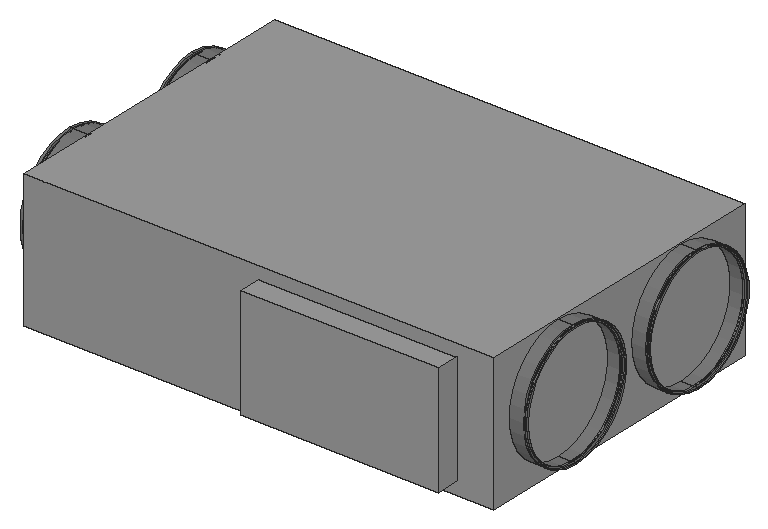
Revit family "BIMLIB_ПриточноВытяжнаяУстановка_UniMAX-P_CE-CW_SHUFT", category Оборудование, Revit 2017
Family settings
  Размер круглого соединителя = Использовать диаметр
  Тип детали = Нормальный
  На основе рабочей плоскости = Нет
  Всегда вертикально = Да
  При загрузке вырезать с полостями = Нет
  Общий = Нет
  Точка расчета площади = Нет
Parameters (values of type "UniMAX-P 2000CE/CW-A с вентилятором модификации AC")
  Повернуть УГО [instance] = yes
  Описание = "Установки серии UniMAX-P CE предназначены для очистки, подогрева и подачи свежего воздуха в жилые, общественные и производственные помещения небольших объемов: офисы, магазины, квартиры и т.д. В процессе работы установки удаляют из помещения загрязненный воздух, очищая его и извлекая из него тепло, и передают это тепло поступающему воздуху. Тем самым установки позволяют экономить энергоресурсы и эффективно вентилировать помещения при существовании ограничения на энергоресурсы. Установки можно легко монтировать непосредственно в обслуживаемом помещении"  # constant formula
  Изготовитель = "ООО «Завод ВКО» марка SHUFT"  # constant formula
  Watermark [instance] = "Модели защищены уникальным кодом"
  W = 1362 mm
  M = 250 mm
  L1 = (ADSK_Размер_Длина - F) / 2  # 76 mm
  URL = "http://www.shuft.ru/"
  F = 1900 mm
  D = 500 mm
  C = 620 mm
  BL_Разработано = "support@bimlib.pro"  # constant formula
  BL_Email = "bimmodels@rusklimat.ru"  # constant formula
  BL_BIM library = "https://bimlib.pro/manufacturer/company/23829"
  ADSK_Ток = 27.55 A
  ADSK_Тип воздушного фильтра = "Приточный/вытяжной EU5/EU5"
  ADSK_Расход воздуха приточный [instance] = 0.0 L/s
  ADSK_Расход воздуха вытяжной [instance] = 0.0 L/s
  ADSK_Размер_Ширина = 1270 mm
  ADSK_Размер_Длина = 2052 mm
  ADSK_Размер_Высота = 550 mm
  ADSK_Примечание [instance] = ""
  ADSK_Полная мощность = ADSK_Номинальная мощность / ADSK_Коэффициент мощности  # 15340 VA
  ADSK_Позиция = ""
  ADSK_Обозначение = ""
  ADSK_Номинальная мощность = 15340 W
  ADSK_Напряжение = 400 V
  ADSK_Наименование = "Приточно-вытяжная вентиляционная установка UniMAX-P 2000CE/CW-A с вентилятором модификации AC"
  ADSK_Материал = BIMLIB_Сталь_SHUFT
  ADSK_Масса_Текст = "189"
  ADSK_Масса = 189
  ADSK_Марка = ADSK_Код изделия  # "UniMAX-P 2000CE/CW-A AC"
  ADSK_Коэффициент мощности = 1
  ADSK_Количество фаз = 3
  ADSK_Код изделия = "UniMAX-P 2000CE/CW-A AC"
  ADSK_Классификация нагрузок = Прочее
  ADSK_Завод-изготовитель = Изготовитель  # "ООО «Завод ВКО» марка SHUFT"
  ADSK_Единица измерения = "шт."  # constant formula
  ADSK_Версия семейства = "v.1"  # constant formula
  ADSK_Версия Revit = "2017"  # constant formula
  ADSK_URL страницы изделия = "http://www.shuft.ru/catalog/2/206/3035/4050/"
  ADSK_URL документации изделия = "http://www.shuft.ru/upload/downloads/passport-UniMAX-P-CE.pdf"
Types (10, lengths in mm): name | W | M | L1 | F | D | C | ADSK_Ток | ADSK_Тип воздушного фильтра | ADSK_Размер_Ширина | ADSK_Размер_Длина | ADSK_Размер_Высота | ADSK_Полная мощность | ADSK_Номинальная мощность | ADSK_Напряжение | ADSK_Наименование | ADSK_Масса_Текст | ADSK_Масса | ADSK_Марка | ADSK_Количество фаз | ADSK_Код изделия
  (no name) | 1362 | 250 | 76 | 1900 | 500 | 620 | 27.55 A | "Приточный/вытяжной EU5/EU5" | 1270 | 2052 | 550 | 15340 VA | 15340 W | 400 V | "Приточно-вытяжная вентиляционная установка UniMAX-P 2000CE/CW-A с вентилятором модификации AC" | "189" | 189 | "UniMAX-P 2000CE/CW-A AC" | 3 | "UniMAX-P 2000CE/CW-A AC"
  UniMAX-P 2200CE/CW-A с вентилятором модификации EC | 1362 | 250 | 76 | 1900 | 500 | 620 | 3.27 A | "Приточный/вытяжной EU5/EU5" | 1270 | 2052 | 550 | 752 VA | 752 W | 230 V | "Приточно-вытяжная вентиляционная установка UniMAX-P 2200CE/CW-A с вентилятором модификации EC" | "189" | 189 | "UniMAX-P 2200CE/CW-A EC" | 1 | "UniMAX-P 2200CE/CW-A EC"
  UniMAX-P 1400CE/CW-A с вентилятором модификации EC | 1362 | 250 | 76 | 1900 | 500 | 620 | 2.08 A | "Приточный/вытяжной EU5/EU5" | 1270 | 2052 | 550 | 478 VA | 478 W | 230 V | "Приточно-вытяжная вентиляционная установка UniMAX-P 1400CE/CW-A с вентилятором модификации EC" | "189" | 189 | "UniMAX-P 1400CE/CW-A EC" | 1 | "UniMAX-P 1400CE/CW-A EC"
  UniMAX-P 850CE/CW-A с вентилятором модификации EC | 825 | 135 | 40 | 1200 | 250 | 320 | 6.96 A | "Приточный/вытяжной EU5/EU3" | 700 | 1280 | 304 | 1600 VA | 1600 W | 230 V | "Приточно-вытяжная вентиляционная установка UniMAX-P 850CE/CW-A с вентилятором модификации EC" | "57" | 57 | "UniMAX-P 850CE/CW-A EC" | 1 | "UniMAX-P 850CE/CW-A EC"
  UniMAX-P 450CE/CW-A с вентилятором модификации EC | 672 | 132 | 40 | 970 | 160 | 300 | 6.09 A | "Приточный/вытяжной EU5/EU3" | 545 | 1050 | 275 | 1400 VA | 1400 W | 230 V | "Приточно-вытяжная вентиляционная установка UniMAX-P 450CE/CW-A с вентилятором модификации EC" | "42" | 42 | "UniMAX-P 450CE/CW-A EC" | 1 | "UniMAX-P 450CE/CW-A EC"
  UniMAX-P 450CE/CW-A с вентилятором модификации AC | 672 | 132 | 40 | 970 | 160 | 300 | 14.61 A | "Приточный/вытяжной EU5/EU3" | 545 | 1050 | 275 | 3360 VA | 3360 W | 230 V | "Приточно-вытяжная вентиляционная установка UniMAX-P 450CE/CW-A с вентилятором модификации AC" | "42" | 42 | "UniMAX-P 450CE/CW-A AC" | 1 | "UniMAX-P 450CE/CW-A AC"
  UniMAX-P 800CE/CW-A с вентилятором модификации АC | 825 | 135 | 40 | 1200 | 250 | 320 | 6.96 A | "Приточный/вытяжной EU5/EU3" | 700 | 1280 | 304 | 1600 VA | 1600 W | 230 V | "Приточно-вытяжная вентиляционная установка UniMAX-P 800CE/CW-A с вентилятором модификации AC" | "57" | 57 | "UniMAX-P 800CE/CW-A AC" | 1 | "UniMAX-P 800CE/CW-A AC"
  UniMAX-P 1000CE/CW-A с вентилятором модификации АC | 1015 | 246 | 40 | 1500 | 315 | 430 | 10.64 A | "Приточный/вытяжной EU5/EU3" | 850 | 1580 | 500 | 6460 VA | 6460 W | 400 V | "Приточно-вытяжная вентиляционная установка UniMAX-P 1000CE/CW-A с вентилятором модификации AC" | "113" | 113 | "UniMAX-P 1000CE/CW-A AC" | 3 | "UniMAX-P 1000CE/CW-A AC"
  UniMAX-P 1500CE/CW-A с вентилятором модификации AC | 1362 | 250 | 76 | 1900 | 500 | 620 | 16.14 A | "Приточный/вытяжной EU5/EU5" | 1270 | 2052 | 550 | 9730 VA | 9730 W | 400 V | "Приточно-вытяжная вентиляционная установка UniMAX-P 1500CE/CW-A с вентилятором модификации AC" | "189" | 189 | "UniMAX-P 1500CE/CW-A AC" | 3 | "UniMAX-P 1500CE/CW-A AC"
  UniMAX-P 2000CE/CW-A с вентилятором модификации AC | 1362 | 250 | 76 | 1900 | 500 | 620 | 27.55 A | "Приточный/вытяжной EU5/EU5" | 1270 | 2052 | 550 | 15340 VA | 15340 W | 400 V | "Приточно-вытяжная вентиляционная установка UniMAX-P 2000CE/CW-A с вентилятором модификации AC" | "189" | 189 | "UniMAX-P 2000CE/CW-A AC" | 3 | "UniMAX-P 2000CE/CW-A AC"
Reference planes
  plane 1 "По центру (Вперед/Назад)": y = 0
  plane 2: z = 0
  plane 3 "По центру (Влево/Вправо)": x = 0
  plane 4 "Перед": y = -635
  plane 5 "Зад": y = 635
  plane 6: z = 550
  plane 7 "Лево корпус": x = -950
  plane 8 "Право корпус": x = 950
  plane 9 "Высокая": z = 50
  plane 10 "Панель": z = 550
  plane 11: z = 300
  plane 12: x = 1026
  plane 13: x = -1026
  plane 14: y = -727
  plane 15: y = 310
  plane 16: y = -310
  plane 17: x = 800
  plane 18: z = 500
Forms (mm)
  Extrusion 1, solid, material "BIMLIB_Сталь_SHUFT" <- "ADSK_Материал", detail levels medium+fine
    sketch origin (0, 0, 50) x (-1, 0, 0) y (0, -1, 0)
      loop
        line (-950, -635) -> (950, -635) -> (950, 635) -> (-950, 635) -> (-950, -635)
    from -50 to 500
  Extrusion 2, solid, material "BIMLIB_Сталь_SHUFT", detail levels fine
    sketch origin (0, 585, 0) x (1, 0, 0) y (0, 0, 1)
      loop
        line (0, 500) -> (0, 50) -> (800, 50) -> (800, 500) -> (0, 500)
    from 1220 to 1312
Lines and regions (mm)
  model lines, detail levels fine
    curve 1: line (-950, 635, 50) -> (950, 635, 50)
    curve 2: line (950, 635, 50) -> (950, -635, 50)
    curve 3: line (950, -635, 50) -> (-950, -635, 50)
    curve 4: line (-950, -635, 50) -> (-950, 635, 50)
    curve 5: line (0, 635, 50) -> (0, 635, 0)
    curve 6: line (0, 635, 0) -> (0, -635, 0)
    curve 7: line (0, -635, 0) -> (0, -635, 50)
Dimensions and locks
  equal spacing: plane 4 "Перед", plane 1 "По центру (Вперед/Назад)", plane 5 "Зад"
  "ADSK_Размер_Высота": plane 6 to level
  "ADSK_Размер_Ширина": plane 4 "Перед" to plane 5 "Зад"
  "F": plane 7 "Лево корпус" to plane 8 "Право корпус"
  equal spacing: plane 7 "Лево корпус", plane 3 "По центру (Влево/Вправо)", plane 8 "Право корпус"
  "L1": plane 8 "Право корпус" to plane 12
  "L1": plane 13 to plane 7 "Лево корпус"
  plane 8 "Право корпус" to plane 3 "По центру (Влево/Вправо)" = 950 mm
  "W": plane 14 to plane 5 "Зад"
  equal spacing: plane 16, plane 1 "По центру (Вперед/Назад)", plane 15
  "C": plane 16 to plane 15
  locked: plane 9 "Высокая" to plane 2 at 50
  "M": plane 10 "Панель" to plane 11
  locked: plane 17 to plane 8 "Право корпус" at 150
  locked: plane 10 "Панель" to plane 18 at 50
  aligned and locked: level to plane 2
  aligned and locked: plane 1 "По центру (Вперед/Назад)" to nested 1
  aligned and locked: plane 3 "По центру (Влево/Вправо)" to nested 1
  aligned and locked: Extrusion 1 sketch curve to plane 5 "Зад"
  aligned and locked: Extrusion 1 sketch curve to plane 8 "Право корпус"
  aligned and locked: Extrusion 1 sketch curve to plane 7 "Лево корпус"
  aligned and locked: Extrusion 1 sketch curve to plane 4 "Перед"
  aligned and locked: plane 10 "Панель" to Extrusion 1
  aligned and locked: Extrusion 1 to level
  aligned and locked: nested 3 to plane 8 "Право корпус"
  aligned and locked: plane 15 to nested 3
  aligned and locked: nested 2 to plane 8 "Право корпус"
  aligned and locked: plane 16 to nested 2
  aligned and locked: nested 5 to plane 7 "Лево корпус"
  aligned and locked: nested 5 to plane 16
  aligned and locked: nested 4 to plane 7 "Лево корпус"
  aligned and locked: nested 4 to plane 15
  aligned and locked: plane 11 to nested 5
  aligned and locked: plane 11 to nested 4
  aligned and locked: nested 2 to plane 11
  aligned and locked: nested 3 to plane 11
  aligned and locked: Extrusion 2 sketch curve to plane 18
  aligned and locked: plane 17 to Extrusion 2 sketch curve
  aligned and locked: Extrusion 2 sketch curve to plane 9 "Высокая"
  aligned and locked: Extrusion 2 sketch curve to plane 3 "По центру (Влево/Вправо)"
  aligned and locked: plane 14 to Extrusion 2
  aligned and locked: plane 4 "Перед" to Extrusion 2
Automatic sketch dimensions
  plane 5 "Зад" to curve 1 = 0 mm
  curve 1 to plane 8 "Право корпус" = 0 mm
  curve 3 to plane 4 "Перед" = 0 mm
  curve 3 to plane 7 "Лево корпус" = 0 mm
  curve 7 to plane 4 "Перед" = 0 mm
  curve 6 to level = 0 mm
  curve 6 to plane 5 "Зад" = 0 mm
  curve 7 to plane 9 "Высокая" = 0 mm
  curve 5 to plane 9 "Высокая" = 0 mm
Nested families
  nested 1: "BIMLIB_УГО_SHUFT" at (0, 0, 0), Высота <- "ADSK_Размер_Высота", Ширина <- "ADSK_Размер_Ширина", УГО сверху <- "Повернуть УГО", Длина <- "ADSK_Размер_Длина", type "BIMLIB_УГО_SHUFT", detail levels coarse
    with Ширина/4 317.5 mm, Ширина 1270 mm, УГО спереди no, УГО сверху yes, Длина 2052 mm, Высота/4 137.5 mm, Высота УГО 3д План 500 mm, Высота 550 mm
  nested 2: "BIMLIB_Подключение_Круглое_SHUFT" at (950, -310, 300) x (1, 0, 0) z (0, -1, 0), D <- "D", L <- "L1", type "BIMLIB_Подключение_Круглое_SHUFT", detail levels medium+fine
    with Материал BIMLIB_Сталь_Патрубки_SHUFT, L 76 mm, D 500 mm
  nested 3: "BIMLIB_Подключение_Круглое_SHUFT" at (950, 310, 300) x (1, 0, 0) z (0, -1, 0), D <- "D", L <- "L1", type "BIMLIB_Подключение_Круглое_SHUFT", detail levels medium+fine
    with Материал BIMLIB_Сталь_Патрубки_SHUFT, L 76 mm, D 500 mm
  nested 4: "BIMLIB_Подключение_Круглое_SHUFT" at (-950, 310, 300) x (-1, 0, 0) z (0, -1, 0), D <- "D", L <- "L1", type "BIMLIB_Подключение_Круглое_SHUFT", detail levels medium+fine
    with Материал BIMLIB_Сталь_Патрубки_SHUFT, L 76 mm, D 500 mm
  nested 5: "BIMLIB_Подключение_Круглое_SHUFT" at (-950, -310, 300) x (-1, 0, 0) z (0, -1, 0), D <- "D", L <- "L1", type "BIMLIB_Подключение_Круглое_SHUFT", detail levels medium+fine
    with Материал BIMLIB_Сталь_Патрубки_SHUFT, L 76 mm, D 500 mm
Connectors
  hvac at (1026, -310, 300), driven by "D", driven by "ADSK_Расход воздуха приточный"
    settings: on nested 2, index 18, duct flow 0.0 L/s, flow factor 0, pres drop 0.0 Pa, loss coef 0, conn angle 0.00°, conn width 304.8 mm, conn height 304.8 mm, conn diameter 500 mm, duct sys type 1, conn prof type 0, flow config 0, flow direction 2, loss method 0, conn ref index 20, conn util no, is conn primary yes, conn desc "Приточный воздух"
  hvac at (1026, 310, 300), driven by "D", driven by "ADSK_Расход воздуха вытяжной"
    settings: on nested 3, index 19, duct flow 0.0 L/s, flow factor 0, pres drop 0.0 Pa, loss coef 0, conn angle 0.00°, conn width 304.8 mm, conn height 304.8 mm, conn diameter 500 mm, duct sys type 3, conn prof type 0, flow config 0, flow direction 1, loss method 0, conn ref index 21, conn util no, is conn primary no, conn desc "Вытяжной воздух"
  hvac at (-1026, 310, 300), driven by "D", driven by "ADSK_Расход воздуха приточный"
    settings: on nested 4, index 20, duct flow 0.0 L/s, flow factor 0, pres drop 0.0 Pa, loss coef 0, conn angle 0.00°, conn width 304.8 mm, conn height 304.8 mm, conn diameter 500 mm, duct sys type 1, conn prof type 0, flow config 0, flow direction 1, loss method 0, conn ref index 18, conn util no, is conn primary no, conn desc "Наружный воздух"
  hvac at (-1026, -310, 300), driven by "D", driven by "ADSK_Расход воздуха вытяжной"
    settings: on nested 5, index 21, duct flow 0.0 L/s, flow factor 0, pres drop 0.0 Pa, loss coef 0, conn angle 0.00°, conn width 304.8 mm, conn height 304.8 mm, conn diameter 500 mm, duct sys type 3, conn prof type 0, flow config 0, flow direction 2, loss method 0, conn ref index 19, conn util no, is conn primary no, conn desc "Выбрасываемый воздух"
  electrical at (0, -635, 275), driven by "ADSK_Количество фаз", driven by "ADSK_Классификация нагрузок", driven by "ADSK_Напряжение", driven by "ADSK_Полная мощность", driven by "ADSK_Коэффициент мощности"
    settings: on Extrusion 1, index 22, voltage 400 V, apparent load 15340 VA, apparent load phase1 0 VA, apparent load phase2 0 VA, apparent load phase3 0 VA, power factor 1, load classification "Прочее", number of poles 3, system type 30, power factor state 1, is connector primary yes, connector utility no, sub classification motor no, connector description "Электрический соединитель"
Definition of nested family "BIMLIB_Подключение_Круглое_SHUFT"
  Parameters (values of type "BIMLIB_Подключение_Круглое_SHUFT")
    Default Elevation = 1219.2 mm
    Материал [instance] = none
    L [instance] = 30 mm
    D [instance] = 300 mm
  Reference planes
    plane 1 "По центру (Вперед/Назад)": y = 0
    plane 2: z = 0
    plane 3 "По центру (Влево/Вправо)": x = 0
    plane 4: y = 150
    plane 5: y = -150
    plane 6: x = 30
  Forms (mm)
    Revolve 1, solid, material <- "Материал", detail levels medium+fine
      sketch origin (0, 0, 0) x (1, 0, 0) y (0, 1, 0)
        loop
          line (30, 148) -> (30, 150) -> (20, 150) -> (20, 145) -> (15, 145) -> (15, 150) -> (0, 150) -> (0, 148) -> (13, 148) -> (13, 143) -> (22, 143) -> (22, 148) -> (30, 148)
        axis (30, 0) -> (0, 0)
      angle from 0 to 360
  Dimensions and locks
    equal spacing: plane 4, plane 1 "По центру (Вперед/Назад)", plane 5
    "D": plane 4 to plane 5
    "L": plane 3 "По центру (Влево/Вправо)" to plane 6
    aligned and locked: level to plane 2
    aligned and locked: Revolve 1 sketch curve to plane 1 "По центру (Вперед/Назад)"
    aligned and locked: plane 6 to Revolve 1 sketch curve
    aligned and locked: plane 4 to Revolve 1 sketch curve  (x2)
    aligned and locked: Revolve 1 sketch curve to plane 3 "По центру (Влево/Вправо)"
  Automatic sketch dimensions
    Revolve 1 sketch curve to Revolve 1 sketch curve = 2 mm  (x5)
    Revolve 1 sketch curve to Revolve 1 sketch curve = 5 mm
    Revolve 1 sketch curve to Revolve 1 sketch curve = 8 mm
    Revolve 1 sketch curve to Revolve 1 sketch curve = 3 mm
    Revolve 1 sketch curve to plane 3 "По центру (Влево/Вправо)" = 2000 mm
    plane 6 to Revolve 1 sketch curve = 1535.044 mm
Definition of nested family "BIMLIB_УГО_SHUFT"
  Parameters (values of type "BIMLIB_УГО_SHUFT")
    Ширина/4 [instance] = Ширина / 4  # 105 mm
    Ширина [instance] = 420 mm
    УГО спереди [instance] = not(УГО сверху)  # no
    УГО сверху [instance] = yes
    Высота/4 [instance] = Высота / 4  # 63 mm
    Длина [instance] = 810 mm
    Высота УГО 3д План [instance] = 126 mm
    Высота [instance] = 252 mm
  Reference planes
    plane 1 "По центру (Вперед/Назад)": y = 0
    plane 2: z = 0
    plane 3 "По центру (Влево/Вправо)": x = 0
    plane 4: x = -405
    plane 5: x = 405
    plane 6: y = 210
    plane 7: y = -210
    plane 8: z = 126
    plane 9 "УГО 3Д": z = 252
    plane 10: x = -270
    plane 11: x = -135
    plane 12: z = 189
    plane 13: z = 63
    plane 14: x = 63
    plane 15: x = 105
    plane 16: y = 105
    plane 17: y = -105
    plane 18 "УГО": z = 126
  Lines and regions (mm)
    model lines, visible <- "УГО спереди", detail levels coarse
      curve 1: line (-405, 0, 252) -> (-405, 0, 0)
      curve 2: line (-405, 0, 0) -> (405, 0, 0)
      curve 3: line (405, 0, 0) -> (405, 0, 252)
      curve 4: line (405, 0, 252) -> (-405, 0, 252)
      curve 5: line (-270, 0, 252) -> (-270, 0, 0)
      curve 6: line (-135, 0, 252) -> (-135, 0, 0)
      curve 7: line (0, 0, 189) -> (0, 0, 63)
      curve 8: line (0, 0, 63) -> (63, 0, 126)
      curve 9: line (63, 0, 126) -> (0, 0, 189)
    model lines, visible <- "УГО сверху", detail levels coarse
      curve 10: line (-405, 210, 126) -> (-405, -210, 126)
      curve 11: line (-405, -210, 126) -> (405, -210, 126)
      curve 12: line (405, -210, 126) -> (405, 210, 126)
      curve 13: line (405, 210, 126) -> (-405, 210, 126)
      curve 14: line (-270, 210, 126) -> (-270, -210, 126)
      curve 15: line (-135, 210, 126) -> (-135, -210, 126)
      curve 16: line (0, 105, 126) -> (105, 0, 126)
      curve 17: line (105, 0, 126) -> (0, -105, 126)
      curve 18: line (0, -105, 126) -> (0, 105, 126)
    symbolic lines, detail levels coarse
      curve 19: line (-405, 0, 252) -> (-405, 0, 0)
      curve 20: line (-405, 0, 0) -> (405, 0, 0)
      curve 21: line (405, 0, 0) -> (405, 0, 252)
      curve 22: line (405, 0, 252) -> (-405, 0, 252)
      curve 23: line (-270, 0, 252) -> (-270, 0, 0)
      curve 24: line (-135, 0, 0) -> (-135, 0, 252)
      curve 25: line (0, 0, 189) -> (63, 0, 126)
      curve 26: line (63, 0, 126) -> (0, 0, 63)
      curve 27: line (0, 0, 63) -> (0, 0, 189)
      curve 28: line (-405, 210, 0) -> (-405, -210, 0)
      curve 29: line (-405, -210, 0) -> (405, -210, 0)
      curve 30: line (405, -210, 0) -> (405, 210, 0)
      curve 31: line (405, 210, 0) -> (-405, 210, 0)
      curve 32: line (-270, 210, 0) -> (-270, -210, 0)
      curve 33: line (-135, -210, 0) -> (-135, 210, 0)
      curve 34: line (0, 105, 0) -> (105, 0, 0)
      curve 35: line (105, 0, 0) -> (0, -105, 0)
      curve 36: line (0, -105, 0) -> (0, 105, 0)
  Dimensions and locks
    equal spacing: plane 4, plane 3 "По центру (Влево/Вправо)", plane 5
    "Длина": plane 4 to plane 5
    "Ширина": plane 7 to plane 6
    equal spacing: plane 4, plane 10, plane 11, plane 3 "По центру (Влево/Вправо)"
    "Высота": plane 9 "УГО 3Д" to level
    equal spacing: plane 9 "УГО 3Д", plane 12, plane 8, plane 13, level
    "Высота/4": plane 14 to plane 3 "По центру (Влево/Вправо)"
    equal spacing: plane 6, plane 16, plane 1 "По центру (Вперед/Назад)", plane 17, plane 7
    "Ширина/4": plane 15 to plane 3 "По центру (Влево/Вправо)"
    "Ширина/4": plane 3 "По центру (Влево/Вправо)" to plane 15
    "Высота УГО 3д План": plane 18 "УГО" to level
    aligned and locked: level to plane 2
  Automatic sketch dimensions
    curve 12 to plane 5 = 0 mm
    plane 1 "По центру (Вперед/Назад)" to curve 16 = 0 mm
    curve 16 to plane 15 = 0 mm
    curve 18 to plane 3 "По центру (Влево/Вправо)" = 0 mm
    curve 15 to plane 11 = 0 mm
    curve 14 to plane 10 = 0 mm
    curve 11 to plane 4 = 0 mm
    curve 13 to plane 6 = 0 mm
    curve 18 to plane 16 = 0 mm
    plane 7 to curve 12 = 0 mm
    curve 1 to plane 4 = 0 mm
    curve 5 to plane 9 "УГО 3Д" = 0 mm
    curve 5 to plane 10 = 0 mm
    curve 23 to level = 0 mm
    curve 23 to plane 10 = 0 mm
    curve 6 to plane 11 = 0 mm
    curve 24 to plane 11 = 0 mm
    curve 9 to plane 3 "По центру (Влево/Вправо)" = 0 mm
    curve 8 to plane 8 = 0 mm
    curve 8 to plane 14 = 0 mm
    curve 20 to plane 5 = 0 mm
    curve 27 to plane 12 = 0 mm
    curve 28 to plane 4 = 0 mm
    curve 32 to plane 6 = 0 mm
    curve 32 to plane 10 = 0 mm
    plane 7 to curve 33 = 0 mm
    curve 33 to plane 11 = 0 mm
    curve 34 to plane 3 "По центру (Влево/Вправо)" = 0 mm
    plane 1 "По центру (Вперед/Назад)" to curve 34 = 0 mm
    curve 30 to plane 5 = 0 mm
    curve 36 to plane 17 = 0 mm
    curve 36 to plane 16 = 0 mm
